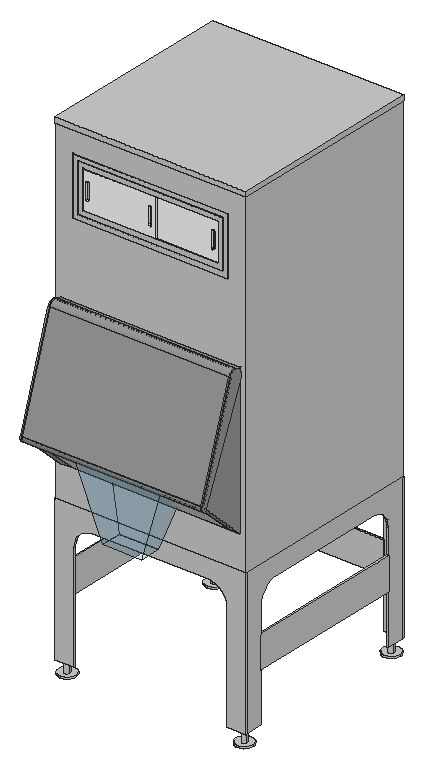
Revit family "QF_HOSHIZAKI_DEV700SG-30-75", category Specialty Equipment, Revit 2016
Family settings
  Part Type = Normal
  Round Connector Dimension = Use Diameter
  OmniClass Number = 23.40.40.14
  OmniClass Title = Food Service Equipment
  Work Plane-Based = No
  Always vertical = Yes
  Cut with Voids When Loaded = No
  Shared = No
  Room Calculation Point = No
Parameters (values of type "DEV700SG-30-75")
  Weight = 146.00 kg
  Waste Remarks [instance] = ""
  URL Cutsheet = ""
  URL = "www.hoshizaki-europe.com"
  Status [instance] = ""
  Specification by User [instance] = ""
  Specification by Manufacturer [instance] = ""
  Serial Number = ""
  Seismic Rating = ""
  SMACNA No = ""
  Revision Code [instance] = ""
  NAFEM Spec ID Number = ""
  Model = "DEV700SG-30-75"
  Masterspec = ""
  Manufacturer = "HOSHIZAKI"
  Length Actual = 762 mm
  Item Number [instance] = ""
  Installed By [instance] = ""
  Indirect Waste Size = 25.4 mm
  Indirect Waste Connection Type [instance] = ""
  Indirect Waste Connection Height [instance] = 0 mm
  Identify Quantity as Lot [instance] = no
  Height Actual = 1994 mm
  Furnished By [instance] = ""
  Foodservice Equipment Identifier [instance] = yes
  Direct Waste RI Height [instance] = 0 mm
  Description = "ICE STORAGE AND DISPENSING SYSTEM, 309KG BIN CAPACITY"
  Depth Actual = 787 mm
  Cost = 0
  CSI MasterFormat = ""
  Assembly Code = "E1090320"
  Accessory = no
Reference planes
  plane 1 "Center (Front/Back)": y = 0
  plane 2: z = 0
  plane 3 "Center (Left/Right)": x = 0
Forms (mm)
  Extrusion 1, solid, not visible
    sketch origin (-1, -2, -1) x (1, 0, 0) y (0, 1, 0)
      loop
        line (0, 0) -> (2, 0) -> (2, 2) -> (0, 2) -> (0, 0)
    from 0 to 2
Dimensions and locks
  aligned and locked: level to plane 2
Nested families
  nested 1: "QF_HOSHIZAKI_DEV700-SG" at (0, 0, 0), type "DEV700SG-30-75"
    with Waste Water Discharge Temperature 0 °C, Status "", Specification by User "", Show Clearance yes, Revision Code "", Plumbing Remarks "", Plumbing Connection Type "", Item Number "", Installed By "", Indirect Waste Connection Type "", Indirect Waste Connection Height 0 mm, Identify Quantity as Lot no, Furnished By "", Foodservice Equipment Identifier yes
Connectors
  piping at (0, 0, 0), diameter 25.4, driven by "Indirect Waste Size"
    settings: on Extrusion 1, index 1, connector inside diameter 609.6 mm, connector length 0 mm, flow factor 0, pipe flow 0.0 L/s, pressure drop 0.0 Pa, fitting loss kfactor 0, connector angle 0.00°, fixture units 0, engagement length 0 mm, angle of deflection 0.00°, flow configuration 1, flow direction 2, fitting loss method 0, system type 16, joint type 0, gender type 0, connector reference index -1, connector utility 0, adjustable connector no, is connector primary yes, connector description "Drain connection for 'DEV700SG-30-75'"
Definition of nested family "QF_HOSHIZAKI_DEV700-SG"
  Parameters (values of type "DEV700SG-30-75")
    Weight in Pounds = 321.8745
    Waste Water Discharge Temperature [instance] = 0 °C
    URL Cutsheet = "www.hoshizaki-europe.com"
    URL = "www.hoshizaki-europe.com"
    Status [instance] = ""
    Specification by User [instance] = ""
    Specification by Manufacturer = ""
    Show Clearance [instance] = yes
    Serial Number = ""
    Seismic Rating = ""
    SMACNA No = ""
    Revision Code [instance] = ""
    Plumbing Remarks [instance] = ""
    Plumbing Connection Type [instance] = ""
    NAFEM Spec ID Number = ""
    Model = "DEV700SG-30-75"
    Masterspec = ""
    Manufacturer = "HOSHIZAKI"
    Item Number [instance] = ""
    Installed By [instance] = ""
    Indirect Waste Size = 25.4 mm
    Indirect Waste Flow = 0.0 L/s
    Indirect Waste Connection Type [instance] = ""
    Indirect Waste Connection Height [instance] = 0 mm
    Identify Quantity as Lot [instance] = no
    Furnished By [instance] = ""
    Foodservice Equipment Identifier [instance] = yes
    Description = "ICE STORAGE AND DISPENSING SYSTEM, 309KG BIN CAPACITY"
    CSI MasterFormat = ""
    Assembly Code = "E1090320"
  Types (2, lengths in mm): name | Indirect Waste Size | Identify Quantity as Lot
    (no name) | 0 | yes
    DEV700SG-30-75 | 25.4 | no
  Values of the unnamed type that differ from the named types
    Weight in Pounds = 0
    Waste Water Discharge Temperature = -273.15 °C
    URL Cutsheet = ""
    URL = ""
    Model = ""
    Manufacturer = ""
    Description = ""
  Reference planes
    plane 1 "Back": y = 0
    plane 2: z = 0
    plane 3 "Left": x = 0
    plane 4 "Right": x = 762
    plane 5 "Front": y = -787
    plane 6 "Top": z = 1994
    plane 7: z = 762
    plane 8: z = 1365
  Forms (mm)
    Extrusion 1, solid
      sketch origin (44.953, -123.309, 1974) x (1, 0, 0) y (0, 1, 0)
        loop
          line (-44.453, -663.691) -> (717.047, -663.691) -> (717.047, 123.309) -> (-44.453, 123.309) -> (-44.453, -663.691)
      from 0 to 20
    Extrusion 2, solid
      sketch origin (0, 0, -1) x (1, 0, 0) y (0, 1, 0)
        loop
          line (2.5, -2) -> (2.5, -787) -> (21, -787) -> (21, -777) -> (12.5, -777) -> (12.5, -12) -> (750, -12) -> (750, -777) -> (739, -777) -> (739, -787) -> (760, -787) -> (760, -2) -> (2.5, -2)
      from 1974 to 630
    Extrusion 3, solid
      sketch origin (0, 227, 1358.182) x (1, 0, 0) y (0, 1, 0)
        loop
          line (21, -1004) -> (21, -1014) -> (739, -1014) -> (739, -1004) -> (21, -1004)
      from 0 to 298
    Extrusion 4, solid
      sketch origin (0, 227, 629) x (1, 0, 0) y (0, 1, 0)
        loop
          line (21, -1004) -> (21, -1014) -> (739, -1014) -> (739, -1004) -> (21, -1004)
      from 0 to 133
    Extrusion 5, solid
      sketch origin (0, 0, 629) x (1, 0, 0) y (0, 1, 0)
        loop
          line (12.5, -12) -> (12.5, -777) -> (750, -777) -> (750, -12) -> (12.5, -12)
      from 0 to 10
    Extrusion 6, solid
      sketch origin (0, -782, -146) x (1, 0, 0) y (0, 0, 1)
        loop
          line (75, 197) -> (75, 625)
          arc (75, 625) -> (96.967, 678.033) -> (150, 700) r 75
          line (150, 700) -> (612, 700)
          arc (612, 700) -> (665.033, 678.033) -> (687, 625) r 75
          line (687, 625) -> (687, 197) -> (762, 197) -> (762, 775) -> (0, 775) -> (0, 197) -> (75, 197)
      from 0 to 5
    Extrusion 7, solid
      sketch origin (0, 0, -146) x (0, 1, 0) y (0, 0, 1)
        loop
          line (-5, 775) -> (-782, 775) -> (-782, 197) -> (-712, 197) -> (-712, 625)
          arc (-712, 625) -> (-690.033, 678.033) -> (-637, 700) r 75
          line (-637, 700) -> (-150, 700)
          arc (-150, 700) -> (-96.967, 678.033) -> (-75, 625) r 75
          line (-75, 625) -> (-75, 197) -> (-5, 197) -> (-5, 775)
      from 0 to 5
    Extrusion 8, solid
      sketch origin (0, 0, 0) x (1, 0, 0) y (0, 1, 0)
        loop
          circle (735.25, -760.5) r 35
        loop
          circle (26.75, -760.5) r 35
        loop
          circle (735.25, -26.5) r 35
        loop
          circle (26.75, -26.5) r 35
      from 0 to 5
    Extrusion 9, solid
      sketch origin (0, 0, 0) x (1, 0, 0) y (0, 1, 0)
        loop
          circle (26.75, -760.5) r 10
        loop
          circle (735.25, -760.5) r 10
        loop
          circle (26.75, -26.5) r 10
        loop
          circle (735.25, -26.5) r 10
      from 5 to 51
    Extrusion 10, solid
      sketch origin (23.5, 227, -331.51) x (0, 1, 0) y (0, 0, 1)
        loop
          line (-1014, 1093.51) -> (-1014, 1689.692) -> (-1204.884, 1271.512) -> (-1014, 1093.51)
      from 0 to 40
    Extrusion 11, solid
      sketch origin (17.5, 227, -148.612) x (0, 1, 0) y (0, 0, 1)
        loop
          line (-1200.443, 1069.621) -> (-1020.638, 1473.472)
          arc (-1020.638, 1473.472) -> (-1019.885, 1495.029) -> (-1034.318, 1511.059) r 28.791
          arc (-1034.318, 1511.059) -> (-1056.107, 1511.433) -> (-1070.389, 1494.974) r 25.765
          line (-1070.389, 1494.974) -> (-1209.984, 1092.316)
          arc (-1209.984, 1092.316) -> (-1209.56, 1079.141) -> (-1200.443, 1069.621) r 18.424
      from 0 to 5
    Extrusion 12, solid
      sketch origin (0, 227, -331.51) x (0, 1, 0) y (0, 0, 1)
        loop
          line (-1014, 1093.51) -> (-1004, 1093.51) -> (-1004, 1136.665) -> (-1014, 1136.665) -> (-1193.423, 1296.863) -> (-1204.884, 1271.512) -> (-1014, 1093.51)
      from 63.5 to 699
    Extrusion 13, solid
      sketch origin (71.5, 227, -148.612) x (0, 1, 0) y (0, 0, 1)
        loop
          line (-1205.434, 1093.235) -> (-1067.773, 1489.107)
          arc (-1067.773, 1489.107) -> (-1046.348, 1508.033) -> (-1024.628, 1489.446) r 21.785
          line (-1024.628, 1489.446) -> (-1014, 1506.794) -> (-1027.917, 1506.794)
          arc (-1027.917, 1506.794) -> (-1052.453, 1512.742) -> (-1070.389, 1494.974) r 25.892
          line (-1070.389, 1494.974) -> (-1209.984, 1092.316)
          arc (-1209.984, 1092.316) -> (-1209.56, 1079.141) -> (-1200.443, 1069.621) r 18.424
          line (-1200.443, 1069.621) -> (-1198.044, 1073.979)
          arc (-1198.044, 1073.979) -> (-1205.26, 1082.256) -> (-1205.434, 1093.235) r 15.987
      from 668.5 to -49
    Extrusion 14, solid, visible <- "Show Clearance", detail levels coarse
      sketch origin (0, 227, -442.328) x (0, 1, 0) y (0, 0, 1)
        loop
          arc (-1016, 2219.48) -> (-1478.032, 1870.238) -> (-1198.979, 1362.722) r 442.655
          arc (-1198.979, 1362.722) -> (-1209.011, 1371.672) -> (-1210.292, 1385.055) r 18.424
          line (-1210.292, 1385.055) -> (-1070.262, 1788.97)
          arc (-1070.262, 1788.97) -> (-1061.432, 1801.468) -> (-1047.295, 1807.328) r 27.556
          line (-1047.295, 1807.328) -> (-1016, 1807.328) -> (-1016, 2219.48)
      from 12.5 to 750
    Extrusion 15, solid
      sketch origin (757, 0, -146) x (0, 1, 0) y (0, 0, 1)
        loop
          line (-5, 775) -> (-782, 775) -> (-782, 197) -> (-712, 197) -> (-712, 625)
          arc (-712, 625) -> (-690.033, 678.033) -> (-637, 700) r 75
          line (-637, 700) -> (-150, 700)
          arc (-150, 700) -> (-96.967, 678.033) -> (-75, 625) r 75
          line (-75, 625) -> (-75, 197) -> (-5, 197) -> (-5, 775)
      from 0 to 5
    Extrusion 16, solid
      sketch origin (0, 0, -146) x (1, 0, 0) y (0, 0, 1)
        loop
          line (75, 197) -> (75, 625)
          arc (75, 625) -> (96.967, 678.033) -> (150, 700) r 75
          line (150, 700) -> (612, 700)
          arc (612, 700) -> (665.033, 678.033) -> (687, 625) r 75
          line (687, 625) -> (687, 197) -> (762, 197) -> (762, 775) -> (0, 775) -> (0, 197) -> (75, 197)
      from 0 to 5
    Extrusion 17, solid
      sketch origin (0, 0, 0) x (1, 0, 0) y (0, 0, 1)
        loop
          line (0, 249.156) -> (5, 249.156) -> (5, 379.156) -> (0, 379.156) -> (0, 249.156)
        loop
          line (757, 249.156) -> (762, 249.156) -> (762, 379.156) -> (757, 379.156) -> (757, 249.156)
      from 75 to 712
    Extrusion 18, solid
      sketch origin (0, 0, 0) x (0, 1, 0) y (0, 0, 1)
        loop
          line (0, 379.156) -> (-5, 379.156) -> (-5, 249.156) -> (0, 249.156) -> (0, 379.156)
      from 687 to 75
    Extrusion 19, solid
      sketch origin (740, 227, -148.612) x (0, 1, 0) y (0, 0, 1)
        loop
          line (-1200.443, 1069.621) -> (-1020.638, 1473.472)
          arc (-1020.638, 1473.472) -> (-1019.885, 1495.029) -> (-1034.318, 1511.059) r 28.791
          arc (-1034.318, 1511.059) -> (-1056.107, 1511.433) -> (-1070.389, 1494.974) r 25.765
          line (-1070.389, 1494.974) -> (-1209.984, 1092.316)
          arc (-1209.984, 1092.316) -> (-1209.56, 1079.141) -> (-1200.443, 1069.621) r 18.424
      from 0 to 5
    Extrusion 20, solid
      sketch origin (699, 227, -331.51) x (0, 1, 0) y (0, 0, 1)
        loop
          line (-1014, 1093.51) -> (-1014, 1689.692) -> (-1204.884, 1271.512) -> (-1014, 1093.51)
      from 0 to 40
    Extrusion 21, solid
      sketch origin (0, 227, 1890.364) x (1, 0, 0) y (0, 1, 0)
        loop
          line (21, -1004) -> (21, -1014) -> (739, -1014) -> (739, -1004) -> (21, -1004)
      from 0 to 82.636
    Extrusion 22, solid
      sketch origin (0, 0, 0) x (1, 0, 0) y (0, 1, 0)
        loop
          line (21, -782) -> (21, -787) -> (70, -787) -> (70, -782) -> (21, -782)
        loop
          line (739, -782) -> (692, -782) -> (692, -787) -> (739, -787) -> (739, -782)
      from 1656.182 to 1890.364
    Extrusion 23, solid
      sketch origin (0, -777, 0) x (1, 0, 0) y (0, 0, 1)
        loop
          line (72, 1888.364) -> (72, 1658.182) -> (690, 1658.182) -> (690, 1888.364) -> (72, 1888.364)
        loop
          line (90, 1870.364) -> (90, 1676.182) -> (672, 1676.182) -> (672, 1870.364) -> (90, 1870.364)
        loop
          line (92, 1868.364) -> (92, 1678.182) -> (670, 1678.182) -> (670, 1868.364) -> (92, 1868.364)
        loop
          line (110, 1850.364) -> (110, 1696.182) -> (652, 1696.182) -> (652, 1850.364) -> (110, 1850.364)
      from 0 to 10
    Extrusion 24, solid
      sketch origin (0, -782, 0) x (1, 0, 0) y (0, 0, 1)
        loop
          line (112, 1848.364) -> (112, 1698.182) -> (401, 1698.182) -> (401, 1848.364) -> (112, 1848.364)
        loop
          arc (123.23, 1743.273) -> (130.73, 1735.773) -> (138.23, 1743.273) r 7.5
          line (138.23, 1743.273) -> (138.23, 1803.273)
          arc (138.23, 1803.273) -> (130.73, 1810.773) -> (123.23, 1803.273) r 7.5
          line (123.23, 1803.273) -> (123.23, 1743.273)
        loop
          line (387.77, 1743.273) -> (387.77, 1803.273)
          arc (387.77, 1803.273) -> (380.27, 1810.773) -> (372.77, 1803.273) r 7.5
          line (372.77, 1803.273) -> (372.77, 1743.273)
          arc (372.77, 1743.273) -> (380.27, 1735.773) -> (387.77, 1743.273) r 7.5
      from 0 to 5
    Extrusion 25, solid
      sketch origin (249, -776.5, 0) x (1, 0, 0) y (0, 0, 1)
        loop
          line (112, 1848.364) -> (112, 1698.182) -> (401, 1698.182) -> (401, 1848.364) -> (112, 1848.364)
        loop
          arc (123.23, 1743.273) -> (130.73, 1735.773) -> (138.23, 1743.273) r 7.5
          line (138.23, 1743.273) -> (138.23, 1803.273)
          arc (138.23, 1803.273) -> (130.73, 1810.773) -> (123.23, 1803.273) r 7.5
          line (123.23, 1803.273) -> (123.23, 1743.273)
        loop
          line (387.77, 1743.273) -> (387.77, 1803.273)
          arc (387.77, 1803.273) -> (380.27, 1810.773) -> (372.77, 1803.273) r 7.5
          line (372.77, 1803.273) -> (372.77, 1743.273)
          arc (372.77, 1743.273) -> (380.27, 1735.773) -> (387.77, 1743.273) r 7.5
      from 0 to 5
    Blend 26, solid
      base sketch origin (0, 0, 0) x (1, 0, 0) y (0, 1, 0)
        loop
          line (206, -787.4) -> (206, -950.6) -> (556, -950.6) -> (556, -787.4) -> (206, -787.4)
      top sketch origin (0, 0, 0) x (1, 0, 0) y (0, 1, 0)
        loop
          line (303.5, -844.129) -> (303.5, -928.368) -> (458.5, -928.368) -> (458.5, -844.129) -> (303.5, -844.129)
      from 921.01 to 629
    Extrusion 27, solid
      sketch origin (0, 0, 0) x (1, 0, 0) y (0, 1, 0)
        loop
          circle (381, -393.5) r 12.5
      from 629 to 599
  Cuts and joins
    joined: Extrusion 2, Extrusion 3, Extrusion 4, Extrusion 21, Extrusion 22
  Lines and regions (mm)
    symbolic lines
      curve 1: line (0, 0, 0) -> (762, 0, 0)
      curve 2: line (0, -787, 0) -> (0, 0, 0)
      curve 3: line (762, -787, 0) -> (0, -787, 0)
      curve 4: line (762, 0, 0) -> (762, -787, 0)
      curve 5: arc (0, -783.071, 0) -> (-8.25, -760.5, 0) -> (0, -737.929, 0) r 35
      curve 6: arc (3.886, -787, 0) -> (26.75, -795.5, 0) -> (49.614, -787, 0) r 35
      curve 7: arc (0, -3.929, 0) -> (-8.25, -26.5, 0) -> (0, -49.071, 0) r 35
      curve 8: arc (3.886, 0, 0) -> (26.75, 8.5, 0) -> (49.614, 0, 0) r 35
      curve 9: arc (758.114, 0, 0) -> (735.25, 8.5, 0) -> (712.386, 0, 0) r 35
      curve 10: arc (762, -49.071, 0) -> (770.358, -27.035, 0) -> (762, -5, 0) r 33.226
      curve 11: arc (762, -783.071, 0) -> (770.25, -760.5, 0) -> (762, -737.929, 0) r 35
      curve 12: arc (712.386, -787, 0) -> (735.25, -795.5, 0) -> (758.114, -787, 0) r 35
    symbolic lines, visible <- "Show Clearance", detail levels coarse
      curve 13: line (12.5, -787, 0) -> (12.5, -1260.795, 0)
      curve 14: line (12.5, -1260.795, 0) -> (750, -1260.795, 0)
      curve 15: line (750, -1260.795, 0) -> (750, -787, 0)
  Dimensions and locks
    aligned and locked: level to plane 2
  Connectors
    piping at (381, -393.5, 599), diameter 25.4
      settings: on Extrusion 27, index 1, connector inside diameter 609.6 mm, connector length 0 mm, flow factor 0, pipe flow 0.0 L/s, pressure drop 0.0 Pa, fitting loss kfactor 0, connector angle 0.00°, fixture units 0, engagement length 0 mm, angle of deflection 0.00°, flow configuration 1, flow direction 2, fitting loss method 0, system type 19, joint type 0, gender type 0, connector reference index -1, connector utility 0, adjustable connector no, is connector primary yes, connector description "Drain connection"
